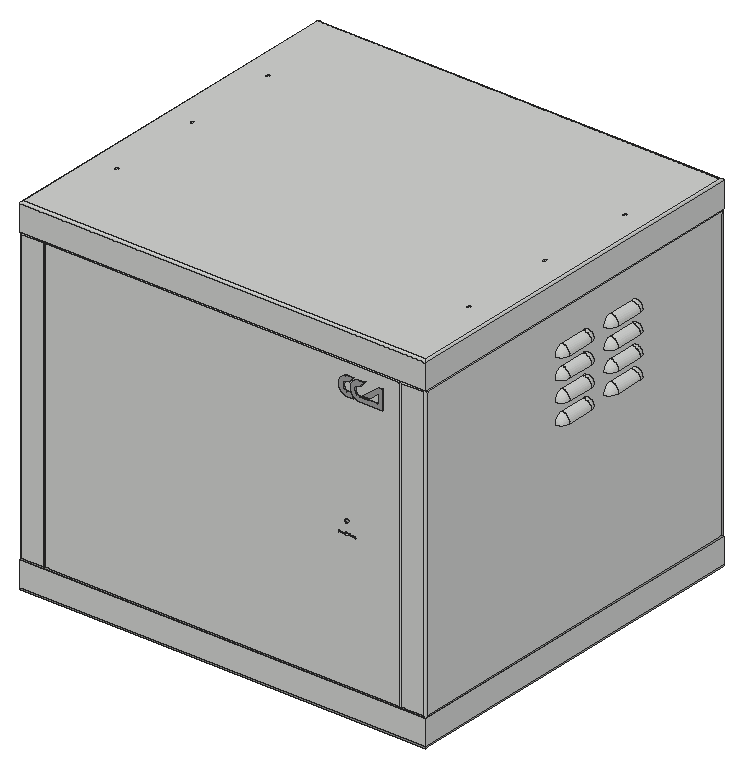
Revit family "Шкаф антивандальный настенный ШАН-Э 19” 600x550", category Обобщенные модели, Revit 2019 (continued)
Automatic sketch dimensions
  Revolve 51 sketch curve to Revolve 51 sketch curve = 12.5 mm
  Revolve 51 sketch curve to plane 9 = 136 mm
  Revolve 51 sketch curve to Revolve 51 sketch curve = 0 mm
  Revolve 51 sketch curve to Revolve 51 sketch curve = 0.858 mm
  Revolve 51 sketch curve to Revolve 51 sketch curve = 6.642 mm
  Revolve 52 sketch curve to plane 1 "По центру (Вперед/Назад)" = 105 mm
  Revolve 52 sketch curve to Revolve 52 sketch curve = 11 mm
  Revolve 52 sketch curve to plane 9 = 137.5 mm
  Revolve 52 sketch curve to Revolve 52 sketch curve = 0 mm
  Revolve 52 sketch curve to Revolve 52 sketch curve = 1.5 mm
  Revolve 52 sketch curve to Revolve 52 sketch curve = 7.5 mm
  Revolve 53 sketch curve to plane 1 "По центру (Вперед/Назад)" = 65 mm
  Revolve 53 sketch curve to Revolve 53 sketch curve = 12.5 mm
  Revolve 53 sketch curve to plane 9 = 148.5 mm
  Revolve 53 sketch curve to Revolve 53 sketch curve = 0 mm
  Revolve 53 sketch curve to Revolve 53 sketch curve = 6.642 mm
  Revolve 53 sketch curve to Revolve 53 sketch curve = 0.858 mm
  Revolve 54 sketch curve to plane 1 "По центру (Вперед/Назад)" = 65 mm
  Revolve 54 sketch curve to Revolve 54 sketch curve = 11 mm
  Revolve 54 sketch curve to plane 9 = 148.5 mm
  Revolve 54 sketch curve to Revolve 54 sketch curve = 0 mm
  Revolve 54 sketch curve to Revolve 54 sketch curve = 7.5 mm
  Revolve 54 sketch curve to Revolve 54 sketch curve = 1.5 mm
  Extrusion 55 sketch curve to Extrusion 55 sketch curve = 0 mm  (x2)
  Extrusion 55 sketch curve to plane 7 = 0 mm
  Extrusion 55 sketch curve to Extrusion 55 sketch curve = 11 mm
  Extrusion 55 sketch curve to Extrusion 55 sketch curve = 1.5 mm
  plane 9 to Extrusion 55 sketch curve = 148.5 mm
  Revolve 56 sketch curve to plane 9 = 46 mm
  Revolve 56 sketch curve to plane 1 "По центру (Вперед/Назад)" = 105 mm
  Revolve 56 sketch curve to Revolve 56 sketch curve = 12.5 mm
  Revolve 56 sketch curve to Revolve 56 sketch curve = 0 mm
  Revolve 56 sketch curve to Revolve 56 sketch curve = 0.858 mm
  Revolve 56 sketch curve to Revolve 56 sketch curve = 6.642 mm
  Revolve 57 sketch curve to plane 9 = 58.5 mm
  Revolve 57 sketch curve to plane 1 "По центру (Вперед/Назад)" = 105 mm
  Revolve 57 sketch curve to Revolve 57 sketch curve = 11 mm
  Revolve 57 sketch curve to Revolve 57 sketch curve = 0 mm
  Revolve 57 sketch curve to Revolve 57 sketch curve = 1.5 mm
  Revolve 57 sketch curve to Revolve 57 sketch curve = 7.5 mm
  Revolve 58 sketch curve to plane 1 "По центру (Вперед/Назад)" = 65 mm
  Revolve 58 sketch curve to Revolve 58 sketch curve = 12.5 mm
  Revolve 58 sketch curve to plane 9 = 58.5 mm
  Revolve 58 sketch curve to Revolve 58 sketch curve = 0 mm
  Revolve 58 sketch curve to Revolve 58 sketch curve = 6.642 mm
  Revolve 58 sketch curve to Revolve 58 sketch curve = 0.858 mm
  Revolve 59 sketch curve to plane 1 "По центру (Вперед/Назад)" = 65 mm
  Revolve 59 sketch curve to Revolve 59 sketch curve = 11 mm
  Revolve 59 sketch curve to plane 9 = 58.5 mm
  Revolve 59 sketch curve to Revolve 59 sketch curve = 0 mm
  Revolve 59 sketch curve to Revolve 59 sketch curve = 7.5 mm
  Revolve 59 sketch curve to Revolve 59 sketch curve = 1.5 mm
  Revolve 60 sketch curve to plane 1 "По центру (Вперед/Назад)" = 105 mm
  Revolve 60 sketch curve to Revolve 60 sketch curve = 12.5 mm
  Revolve 60 sketch curve to plane 9 = 76 mm
  Revolve 60 sketch curve to Revolve 60 sketch curve = 0 mm
  Revolve 60 sketch curve to Revolve 60 sketch curve = 0.858 mm
  Revolve 60 sketch curve to Revolve 60 sketch curve = 6.642 mm
  Revolve 61 sketch curve to plane 1 "По центру (Вперед/Назад)" = 105 mm
  Revolve 61 sketch curve to Revolve 61 sketch curve = 11 mm
  Revolve 61 sketch curve to plane 9 = 77.5 mm
  Revolve 61 sketch curve to Revolve 61 sketch curve = 0 mm
  Revolve 61 sketch curve to Revolve 61 sketch curve = 1.5 mm
  Revolve 61 sketch curve to Revolve 61 sketch curve = 7.5 mm
  Revolve 62 sketch curve to plane 1 "По центру (Вперед/Назад)" = 65 mm
  Revolve 62 sketch curve to Revolve 62 sketch curve = 12.5 mm
  Revolve 62 sketch curve to plane 9 = 88.5 mm
  Revolve 62 sketch curve to Revolve 62 sketch curve = 0 mm
  Revolve 62 sketch curve to Revolve 62 sketch curve = 6.642 mm
  Revolve 62 sketch curve to Revolve 62 sketch curve = 0.858 mm
  Revolve 63 sketch curve to plane 1 "По центру (Вперед/Назад)" = 65 mm
  Revolve 63 sketch curve to Revolve 63 sketch curve = 11 mm
  Revolve 63 sketch curve to plane 9 = 88.5 mm
  Revolve 63 sketch curve to Revolve 63 sketch curve = 0 mm
  Revolve 63 sketch curve to Revolve 63 sketch curve = 7.5 mm
  Revolve 63 sketch curve to Revolve 63 sketch curve = 1.5 mm
  Extrusion 64 sketch curve to Extrusion 64 sketch curve = 0 mm  (x2)
  Extrusion 64 sketch curve to plane 7 = 0 mm
  Extrusion 64 sketch curve to Extrusion 64 sketch curve = 11 mm
  Extrusion 64 sketch curve to Extrusion 64 sketch curve = 1.5 mm
  plane 9 to Extrusion 64 sketch curve = 88.5 mm
  plane 1 "По центру (Вперед/Назад)" to Revolve 65 sketch curve = 25 mm
  Revolve 65 sketch curve to Revolve 65 sketch curve = 12.5 mm
  Revolve 65 sketch curve to plane 9 = 58.5 mm
  Revolve 65 sketch curve to Revolve 65 sketch curve = 0 mm
  Revolve 65 sketch curve to Revolve 65 sketch curve = 6.642 mm
  Revolve 65 sketch curve to Revolve 65 sketch curve = 0.858 mm
  plane 1 "По центру (Вперед/Назад)" to Revolve 66 sketch curve = 25 mm
  Revolve 66 sketch curve to Revolve 66 sketch curve = 11 mm
  Revolve 66 sketch curve to plane 9 = 58.5 mm
  Revolve 66 sketch curve to Revolve 66 sketch curve = 0 mm
  Revolve 66 sketch curve to Revolve 66 sketch curve = 7.5 mm
  Revolve 66 sketch curve to Revolve 66 sketch curve = 1.5 mm
  Revolve 67 sketch curve to plane 1 "По центру (Вперед/Назад)" = 15 mm
  Revolve 67 sketch curve to Revolve 67 sketch curve = 12.5 mm
  Revolve 67 sketch curve to plane 9 = 46 mm
  Revolve 67 sketch curve to Revolve 67 sketch curve = 0 mm
  Revolve 67 sketch curve to Revolve 67 sketch curve = 0.858 mm
  Revolve 67 sketch curve to Revolve 67 sketch curve = 6.642 mm
  Revolve 68 sketch curve to plane 1 "По центру (Вперед/Назад)" = 15 mm
  Revolve 68 sketch curve to Revolve 68 sketch curve = 11 mm
  Revolve 68 sketch curve to plane 9 = 47.5 mm
  Revolve 68 sketch curve to Revolve 68 sketch curve = 0 mm
  Revolve 68 sketch curve to Revolve 68 sketch curve = 1.5 mm
  Revolve 68 sketch curve to Revolve 68 sketch curve = 7.5 mm
  Extrusion 69 sketch curve to Extrusion 69 sketch curve = 0 mm  (x2)
  Extrusion 69 sketch curve to plane 7 = 0 mm
  Extrusion 69 sketch curve to Extrusion 69 sketch curve = 11 mm
  Extrusion 69 sketch curve to Extrusion 69 sketch curve = 1.5 mm
  plane 9 to Extrusion 69 sketch curve = 58.5 mm
  Extrusion 70 sketch curve to Extrusion 70 sketch curve = 0 mm  (x2)
  Extrusion 70 sketch curve to plane 7 = 0 mm
  Extrusion 70 sketch curve to Extrusion 70 sketch curve = 11 mm
  Extrusion 70 sketch curve to Extrusion 70 sketch curve = 1.5 mm
  plane 9 to Extrusion 70 sketch curve = 58.5 mm
  Extrusion 71 sketch curve to Extrusion 71 sketch curve = 0 mm  (x2)
  Extrusion 71 sketch curve to plane 7 = 0 mm
  Extrusion 71 sketch curve to Extrusion 71 sketch curve = 11 mm
  Extrusion 71 sketch curve to Extrusion 71 sketch curve = 1.5 mm
  plane 9 to Extrusion 71 sketch curve = 88.5 mm
  Extrusion 72 sketch curve to Extrusion 72 sketch curve = 0 mm  (x2)
  Extrusion 72 sketch curve to plane 7 = 0 mm
  Extrusion 72 sketch curve to Extrusion 72 sketch curve = 11 mm
  Extrusion 72 sketch curve to Extrusion 72 sketch curve = 1.5 mm
  plane 9 to Extrusion 72 sketch curve = 118.5 mm
  Extrusion 73 sketch curve to Extrusion 73 sketch curve = 0 mm  (x2)
  Extrusion 73 sketch curve to plane 7 = 0 mm
  Extrusion 73 sketch curve to Extrusion 73 sketch curve = 11 mm
  Extrusion 73 sketch curve to Extrusion 73 sketch curve = 1.5 mm
  plane 9 to Extrusion 73 sketch curve = 148.5 mm
  plane 1 "По центру (Вперед/Назад)" to Revolve 74 sketch curve = 25 mm
  Revolve 74 sketch curve to Revolve 74 sketch curve = 12.5 mm
  Revolve 74 sketch curve to plane 9 = 88.5 mm
  Revolve 74 sketch curve to Revolve 74 sketch curve = 0 mm
  Revolve 74 sketch curve to Revolve 74 sketch curve = 6.642 mm
  Revolve 74 sketch curve to Revolve 74 sketch curve = 0.858 mm
  plane 1 "По центру (Вперед/Назад)" to Revolve 75 sketch curve = 25 mm
  Revolve 75 sketch curve to Revolve 75 sketch curve = 11 mm
  Revolve 75 sketch curve to plane 9 = 88.5 mm
  Revolve 75 sketch curve to Revolve 75 sketch curve = 0 mm
  Revolve 75 sketch curve to Revolve 75 sketch curve = 7.5 mm
  Revolve 75 sketch curve to Revolve 75 sketch curve = 1.5 mm
  Revolve 76 sketch curve to plane 1 "По центру (Вперед/Назад)" = 15 mm
  Revolve 76 sketch curve to Revolve 76 sketch curve = 12.5 mm
  Revolve 76 sketch curve to plane 9 = 76 mm
  Revolve 76 sketch curve to Revolve 76 sketch curve = 0 mm
  Revolve 76 sketch curve to Revolve 76 sketch curve = 0.858 mm
  Revolve 76 sketch curve to Revolve 76 sketch curve = 6.642 mm
  Revolve 77 sketch curve to plane 1 "По центру (Вперед/Назад)" = 15 mm
  Revolve 77 sketch curve to Revolve 77 sketch curve = 11 mm
  Revolve 77 sketch curve to plane 9 = 77.5 mm
  Revolve 77 sketch curve to Revolve 77 sketch curve = 0 mm
  Revolve 77 sketch curve to Revolve 77 sketch curve = 1.5 mm
  Revolve 77 sketch curve to Revolve 77 sketch curve = 7.5 mm
  plane 1 "По центру (Вперед/Назад)" to Revolve 78 sketch curve = 25 mm
  Revolve 78 sketch curve to Revolve 78 sketch curve = 12.5 mm
  Revolve 78 sketch curve to plane 9 = 118.5 mm
  Revolve 78 sketch curve to Revolve 78 sketch curve = 0 mm
  Revolve 78 sketch curve to Revolve 78 sketch curve = 6.642 mm
  Revolve 78 sketch curve to Revolve 78 sketch curve = 0.858 mm
  plane 1 "По центру (Вперед/Назад)" to Revolve 79 sketch curve = 25 mm
  Revolve 79 sketch curve to Revolve 79 sketch curve = 11 mm
  Revolve 79 sketch curve to plane 9 = 118.5 mm
  Revolve 79 sketch curve to Revolve 79 sketch curve = 0 mm
  Revolve 79 sketch curve to Revolve 79 sketch curve = 7.5 mm
  Revolve 79 sketch curve to Revolve 79 sketch curve = 1.5 mm
  Revolve 80 sketch curve to plane 1 "По центру (Вперед/Назад)" = 15 mm
  Revolve 80 sketch curve to Revolve 80 sketch curve = 12.5 mm
  Revolve 80 sketch curve to plane 9 = 106 mm
  Revolve 80 sketch curve to Revolve 80 sketch curve = 0 mm
  Revolve 80 sketch curve to Revolve 80 sketch curve = 0.858 mm
  Revolve 80 sketch curve to Revolve 80 sketch curve = 6.642 mm
  Revolve 81 sketch curve to plane 1 "По центру (Вперед/Назад)" = 15 mm
  Revolve 81 sketch curve to Revolve 81 sketch curve = 11 mm
  Revolve 81 sketch curve to plane 9 = 107.5 mm
  Revolve 81 sketch curve to Revolve 81 sketch curve = 0 mm
  Revolve 81 sketch curve to Revolve 81 sketch curve = 1.5 mm
  Revolve 81 sketch curve to Revolve 81 sketch curve = 7.5 mm
  plane 1 "По центру (Вперед/Назад)" to Revolve 82 sketch curve = 25 mm
  Revolve 82 sketch curve to Revolve 82 sketch curve = 12.5 mm
  Revolve 82 sketch curve to plane 9 = 148.5 mm
  Revolve 82 sketch curve to Revolve 82 sketch curve = 0 mm
  Revolve 82 sketch curve to Revolve 82 sketch curve = 6.642 mm
  Revolve 82 sketch curve to Revolve 82 sketch curve = 0.858 mm
  plane 1 "По центру (Вперед/Назад)" to Revolve 83 sketch curve = 25 mm
  Revolve 83 sketch curve to Revolve 83 sketch curve = 11 mm
  Revolve 83 sketch curve to plane 9 = 148.5 mm
  Revolve 83 sketch curve to Revolve 83 sketch curve = 0 mm
  Revolve 83 sketch curve to Revolve 83 sketch curve = 7.5 mm
  Revolve 83 sketch curve to Revolve 83 sketch curve = 1.5 mm
  Revolve 84 sketch curve to plane 1 "По центру (Вперед/Назад)" = 15 mm
  Revolve 84 sketch curve to Revolve 84 sketch curve = 12.5 mm
  Revolve 84 sketch curve to plane 9 = 136 mm
  Revolve 84 sketch curve to Revolve 84 sketch curve = 0 mm
  Revolve 84 sketch curve to Revolve 84 sketch curve = 0.858 mm
  Revolve 84 sketch curve to Revolve 84 sketch curve = 6.642 mm
  Revolve 85 sketch curve to plane 1 "По центру (Вперед/Назад)" = 15 mm
  Revolve 85 sketch curve to Revolve 85 sketch curve = 11 mm
  Revolve 85 sketch curve to plane 9 = 137.5 mm
  Revolve 85 sketch curve to Revolve 85 sketch curve = 0 mm
  Revolve 85 sketch curve to Revolve 85 sketch curve = 1.5 mm
  Revolve 85 sketch curve to Revolve 85 sketch curve = 7.5 mm
  Extrusion 86 sketch curve to level = 0 mm
  Extrusion 86 sketch curve to plane 7 = 0 mm
  plane 6 to Extrusion 86 sketch curve = 0 mm
  plane 8 to Extrusion 86 sketch curve = 0 mm
Nested families
  nested 1: "Крышка_ШАН" at (0, 0, 475), built-in parameter 1001364 <- "Высота крышки", type "Крышка_ШАН"
  nested 2: "Крышка_ШАН" at (0, 0, 40) x (1, 0, 0) z (0, 0, -1), type "Крышка_ШАН"
  nested 3: "Дверь_ШАН" at (0, -265, 40), type "Дверь_ШАН"
    with ADSK_Размер_Высота 435 mm
  nested 4: "Логотип" at (-76.364, -275, -103.72) x (1, 0, 0) z (0, -1, 0), type "Логотип"
Definition of nested family "Крышка_ШАН"
  Parameters (values of type "Крышка_ШАН")
    Default Elevation = 1219.2 mm
    ADSK_Размер_Ширина = 600 mm
    ADSK_Размер_Глубина = 550 mm
    ADSK_Размер_Высота = 40 mm
  Reference planes
    plane 1 "По центру (Вперед/Назад)": y = 0
    plane 2: z = 0
    plane 3 "По центру (Влево/Вправо)": x = 0
    plane 4: y = -275
    plane 5: y = 275
    plane 6: x = 300
    plane 7: x = -300
    plane 8: z = 40
  Forms (mm)
    Extrusion 1, solid, detail levels medium+fine
      sketch origin (0, 0, 0) x (1, 0, 0) y (0, 1, 0)
        loop
          line (-300, 275) -> (-300, -275) -> (300, -275) -> (300, 275) -> (-300, 275)
      from 0 to 40
    Extrusion 2, void, detail levels fine
      sketch origin (0, 0, 0) x (1, 0, 0) y (0, 0, 1)
        loop
          line (300, 40) -> (297, 40)
          arc (297, 40) -> (299.121, 39.121) -> (300, 37) r 3
          line (300, 37) -> (300, 40)
        loop
          line (-300, 40) -> (-300, 37)
          arc (-300, 37) -> (-299.121, 39.121) -> (-297, 40) r 3
          line (-297, 40) -> (-300, 40)
      from -275 to 275
    Extrusion 3, void, detail levels fine
      sketch origin (0, 0, 0) x (0, 1, 0) y (0, 0, 1)
        loop
          line (-275, 40) -> (-275, 37)
          arc (-275, 37) -> (-274.121, 39.121) -> (-272, 40) r 3
          line (-272, 40) -> (-275, 40)
        loop
          line (275, 40) -> (272, 40)
          arc (272, 40) -> (274.121, 39.121) -> (275, 37) r 3
          line (275, 37) -> (275, 40)
      from -300 to 300
    Extrusion 4, void, detail levels fine
      sketch origin (0, 0, 0) x (1, 0, 0) y (0, 1, 0)
        loop
          circle (-260.5, 134.25) r 2.3
        loop
          circle (-260.5, -5.75) r 2.3
        loop
          circle (-260.5, -145.75) r 2.3
        loop
          circle (265.592, 136.018) r 2.3
        loop
          circle (260.5, -5.75) r 2.3
        loop
          circle (260.5, -145.75) r 2.3
      from 37 to 40
    Extrusion 5, void, detail levels medium+fine
      sketch origin (0, 0, 0) x (1, 0, 0) y (0, 1, 0)
        loop
          line (-297, 272.043) -> (-297, -272.043) -> (297, -272.043) -> (297, 272.043) -> (-297, 272.043)
      from 0 to 37
  Cuts and joins
    Extrusion 2, Extrusion 3, Extrusion 4, Extrusion 5 cuts Extrusion 1
  Dimensions and locks
    equal spacing: plane 7, plane 3 "По центру (Влево/Вправо)", plane 6
    "ADSK_Размер_Ширина": plane 7 to plane 6
    equal spacing: plane 4, plane 1 "По центру (Вперед/Назад)", plane 5
    "ADSK_Размер_Глубина": plane 4 to plane 5
    "ADSK_Размер_Высота": plane 8 to level
    aligned and locked: level to plane 2
    aligned and locked: plane 5 to Extrusion 1 sketch curve
    aligned and locked: plane 7 to Extrusion 1 sketch curve
    aligned and locked: Extrusion 1 sketch curve to plane 4
    aligned and locked: Extrusion 1 sketch curve to plane 6
    aligned and locked: plane 8 to Extrusion 1
    aligned and locked: Extrusion 1 to level
    aligned and locked: Extrusion 2 to plane 5
    aligned and locked: plane 4 to Extrusion 2
    aligned and locked: plane 6 to Extrusion 3
    aligned and locked: Extrusion 3 to plane 7
    aligned and locked: Extrusion 1 to Extrusion 4
    aligned and locked: Extrusion 5 to level
  Automatic sketch dimensions
    Extrusion 2 sketch curve to plane 7 = 0 mm
    Extrusion 2 sketch curve to plane 8 = 0 mm  (x2)
    Extrusion 2 sketch curve to plane 6 = 0 mm
    plane 7 to Extrusion 2 sketch curve = 3 mm
    Extrusion 2 sketch curve to plane 6 = 3 mm
    Extrusion 3 sketch curve to plane 4 = 0 mm
    Extrusion 3 sketch curve to plane 8 = 0 mm  (x2)
    Extrusion 3 sketch curve to plane 5 = 0 mm
    Extrusion 3 sketch curve to plane 4 = 3 mm
    Extrusion 3 sketch curve to Extrusion 3 sketch curve = 3 mm
    plane 7 to Extrusion 5 sketch curve = 3 mm
    Extrusion 5 sketch curve to plane 6 = 3 mm
    Extrusion 5 sketch curve to plane 4 = 2.957 mm
    plane 5 to Extrusion 5 sketch curve = 2.957 mm
    plane 1 "По центру (Вперед/Назад)" to Extrusion 4 sketch curve = 5.75 mm  (x2)
    plane 7 to Extrusion 4 sketch curve = 39.5 mm  (x3)
    Extrusion 4 sketch curve to plane 6 = 39.5 mm  (x2)
    Extrusion 4 sketch curve to plane 6 = 34.408 mm
    Extrusion 4 sketch curve to plane 4 = 129.25 mm  (x2)
    Extrusion 4 sketch curve to plane 1 "По центру (Вперед/Назад)" = 136.018 mm
    Extrusion 4 sketch curve to plane 1 "По центру (Вперед/Назад)" = 134.25 mm
    radius of Extrusion 4 sketch curve = 2.3 mm  (x6)
Definition of nested family "Дверь_ШАН"
  Parameters (values of type "Дверь_ШАН")
    ADSK_Размер_Ширина = 530 mm
    ADSK_Размер_Глубина = 20 mm
    ADSK_Размер_Высота = 300 mm
  Reference planes
    plane 1 "По центру (Вперед/Назад)": y = 0
    plane 2: z = 0
    plane 3 "По центру (Влево/Вправо)": x = 0
    plane 4: y = -10
    plane 5: y = 10
    plane 6: x = 265
    plane 7: x = -265
    plane 8: z = 300
    plane 9: z = 150
  Forms (mm)
    Extrusion 1, solid, detail levels medium+fine
      sketch origin (0, 0, 0) x (1, 0, 0) y (0, 1, 0)
        loop
          line (-265, 10) -> (-265, -10) -> (265, -10) -> (265, 10) -> (-265, 10)
      from 0 to 300
    Extrusion 2, solid, detail levels medium+fine
      sketch origin (-13.156, 0, -20.183) x (1, 0, 0) y (0, 0, 1)
        loop
          circle (196.656, 174.683) r 1.3
      from 10 to 10.5
    Blend 3, solid, detail levels fine
      base sketch origin (-23.297, 0, -18.772) x (1, 0, 0) y (0, 0, 1)
        loop
          circle (206.797, 173.272) r 2.5
      top sketch origin (-23.297, 0, -18.772) x (1, 0, 0) y (0, 0, 1)
        loop
          circle (206.797, 173.272) r 1.3
      from 10.5 to 11.7
    Extrusion 4, void, detail levels fine
      sketch origin (3.615, 0, -4.694) x (1, 0, 0) y (0, 0, 1)
        loop
          line (167.694, 142.994) -> (167.694, 140.194) -> (177.694, 140.194)
          arc (177.694, 140.194) -> (179.885, 138.994) -> (182.076, 140.194) r 2.6
          line (182.076, 140.194) -> (192.076, 140.194) -> (192.076, 142.994) -> (185.976, 142.994)
          arc (185.976, 142.994) -> (184.776, 144.194) -> (183.576, 142.994) r 1.2
          line (183.576, 142.994) -> (182.076, 142.994)
          arc (182.076, 142.994) -> (179.885, 144.194) -> (177.694, 142.994) r 2.6
          line (177.694, 142.994) -> (167.694, 142.994)
      from 7 to 10
    Extrusion 5, void, detail levels medium+fine
      sketch origin (0, 0, 0) x (1, 0, 0) y (0, 0, 1)
        loop
          line (262, 297) -> (-262, 297) -> (-262, 3) -> (262, 3) -> (262, 297)
      from -10 to 7
    Extrusion 6, void, detail levels fine
      sketch origin (0, 0, 0) x (0, 1, 0) y (0, 0, 1)
        loop
          line (-10, 300) -> (-10, 297)
          arc (-10, 297) -> (-9.121, 299.121) -> (-7, 300) r 3
          line (-7, 300) -> (-10, 300)
        loop
          line (-10, 0) -> (-7, 0)
          arc (-7, 0) -> (-9.121, 0.879) -> (-10, 3) r 3
          line (-10, 3) -> (-10, 0)
      from -265 to 265
    Extrusion 7, void, detail levels fine
      sketch origin (0, 0, 0) x (1, 0, 0) y (0, 1, 0)
        loop
          line (265, -10) -> (265, -7)
          arc (265, -7) -> (264.121, -9.121) -> (262, -10) r 3
          line (262, -10) -> (265, -10)
        loop
          line (-265, -10) -> (-262, -10)
          arc (-262, -10) -> (-264.121, -9.121) -> (-265, -7) r 3
          line (-265, -7) -> (-265, -10)
      from 0 to 300
    Blend 8, solid, not visible, detail levels fine
      base sketch origin (-23.297, 0, -18.772) x (1, 0, 0) y (0, 0, 1)
        loop
          circle (206.797, 173.272) r 2.5
      top sketch origin (-23.297, 0, -18.772) x (1, 0, 0) y (0, 0, 1)
        loop
          circle (206.797, 173.272) r 1.3
      from 10.5 to 11.7
    Extrusion 9, void, not visible, detail levels fine
      sketch origin (3.615, 0, -4.694) x (1, 0, 0) y (0, 0, 1)
        loop
          line (167.694, 142.994) -> (167.694, 140.194) -> (177.694, 140.194)
          arc (177.694, 140.194) -> (179.885, 138.994) -> (182.076, 140.194) r 2.6
          line (182.076, 140.194) -> (192.076, 140.194) -> (192.076, 142.994) -> (185.976, 142.994)
          arc (185.976, 142.994) -> (184.776, 144.194) -> (183.576, 142.994) r 1.2
          line (183.576, 142.994) -> (182.076, 142.994)
          arc (182.076, 142.994) -> (179.885, 144.194) -> (177.694, 142.994) r 2.6
          line (177.694, 142.994) -> (167.694, 142.994)
      from 7 to 10
    Extrusion 10, solid, not visible, detail levels medium+fine
      sketch origin (-13.156, 0, -20.183) x (1, 0, 0) y (0, 0, 1)
        loop
          circle (196.656, 174.683) r 1.3
      from 10 to 10.5
    Blend 11, solid, not visible, detail levels fine
      base sketch origin (-23.297, 0, -18.772) x (1, 0, 0) y (0, 0, 1)
        loop
          circle (206.797, 173.272) r 2.5
      top sketch origin (-23.297, 0, -18.772) x (1, 0, 0) y (0, 0, 1)
        loop
          circle (206.797, 173.272) r 1.3
      from 10.5 to 11.7
    Extrusion 12, void, not visible, detail levels fine
      sketch origin (3.615, 0, -4.694) x (1, 0, 0) y (0, 0, 1)
        loop
          line (167.694, 142.994) -> (167.694, 140.194) -> (177.694, 140.194)
          arc (177.694, 140.194) -> (179.885, 138.994) -> (182.076, 140.194) r 2.6
          line (182.076, 140.194) -> (192.076, 140.194) -> (192.076, 142.994) -> (185.976, 142.994)
          arc (185.976, 142.994) -> (184.776, 144.194) -> (183.576, 142.994) r 1.2
          line (183.576, 142.994) -> (182.076, 142.994)
          arc (182.076, 142.994) -> (179.885, 144.194) -> (177.694, 142.994) r 2.6
          line (177.694, 142.994) -> (167.694, 142.994)
      from 7 to 10
  Cuts and joins
    Extrusion 4, Extrusion 5, Extrusion 6, Extrusion 7 cuts Extrusion 1
    Extrusion 5 cuts Extrusion 2
    Extrusion 5 cuts Blend 3
  Lines and regions (mm)
    reference lines
      curve 1: line (198.187, 0, 150) -> (210.744, 0, 150)
    reference lines, not visible
      curve 2: line (198.187, 0, 150) -> (210.744, 0, 150)
  Dimensions and locks
    equal spacing: plane 7, plane 3 "По центру (Влево/Вправо)", plane 6
    "ADSK_Размер_Ширина": plane 7 to plane 6
    equal spacing: plane 4, plane 1 "По центру (Вперед/Назад)", plane 5
    "ADSK_Размер_Глубина": plane 4 to plane 5
    "ADSK_Размер_Высота": plane 8 to level
    equal spacing: plane 8, plane 9, level
    aligned and locked: level to plane 2
    aligned and locked: plane 5 to Extrusion 1 sketch curve
    aligned and locked: plane 7 to Extrusion 1 sketch curve
    aligned and locked: Extrusion 1 sketch curve to plane 4
    aligned and locked: Extrusion 1 sketch curve to plane 6
    aligned and locked: plane 8 to Extrusion 1
    aligned and locked: Extrusion 1 to level
    aligned and locked: Extrusion 6 to plane 7
    aligned and locked: plane 6 to Extrusion 6
    aligned and locked: Extrusion 7 to Extrusion 1
    aligned and locked: Extrusion 7 to level
    aligned and locked: plane 9 to curve 1
  Automatic sketch dimensions
    Extrusion 4 sketch curve to Extrusion 4 sketch curve = 10 mm
    Extrusion 4 sketch curve to Extrusion 4 sketch curve = 0 mm  (x6)
    Extrusion 4 sketch curve to Extrusion 4 sketch curve = 2.191 mm  (x3)
    Extrusion 4 sketch curve to Extrusion 4 sketch curve = 1.4 mm
    Extrusion 4 sketch curve to Extrusion 4 sketch curve = 2.8 mm
    Extrusion 4 sketch curve to Extrusion 4 sketch curve = 2.7 mm
    Extrusion 4 sketch curve to Extrusion 4 sketch curve = 7.3 mm
    Extrusion 4 sketch curve to Extrusion 4 sketch curve = 1.2 mm
    plane 7 to Extrusion 5 sketch curve = 3 mm
    Extrusion 5 sketch curve to plane 6 = 3 mm
    level to Extrusion 5 sketch curve = 3 mm
    Extrusion 5 sketch curve to plane 8 = 3 mm
    Extrusion 6 sketch curve to plane 4 = 0 mm  (x2)
    Extrusion 6 sketch curve to plane 8 = 0 mm
    Extrusion 6 sketch curve to level = 0 mm
    level to Extrusion 6 sketch curve = 3 mm
    Extrusion 6 sketch curve to Extrusion 6 sketch curve = 3 mm
    plane 4 to Extrusion 7 sketch curve = 0 mm  (x2)
    Extrusion 7 sketch curve to plane 7 = 0 mm
    Extrusion 7 sketch curve to plane 6 = 0 mm
    plane 7 to Extrusion 7 sketch curve = 3 mm
    Extrusion 7 sketch curve to Extrusion 7 sketch curve = 3 mm
    Extrusion 9 sketch curve to Extrusion 9 sketch curve = 0 mm  (x6)
    Extrusion 9 sketch curve to Extrusion 9 sketch curve = 10 mm
    Extrusion 9 sketch curve to Extrusion 9 sketch curve = 2.191 mm  (x3)
    Extrusion 9 sketch curve to Extrusion 9 sketch curve = 1.4 mm
    Extrusion 9 sketch curve to Extrusion 9 sketch curve = 2.8 mm
    Extrusion 9 sketch curve to Extrusion 9 sketch curve = 2.7 mm
    Extrusion 9 sketch curve to Extrusion 9 sketch curve = 7.3 mm
    Extrusion 9 sketch curve to Extrusion 9 sketch curve = 1.2 mm
    Extrusion 12 sketch curve to Extrusion 12 sketch curve = 10 mm
    Extrusion 12 sketch curve to Extrusion 12 sketch curve = 0 mm  (x6)
    Extrusion 12 sketch curve to Extrusion 12 sketch curve = 2.191 mm  (x3)
    Extrusion 12 sketch curve to Extrusion 12 sketch curve = 1.4 mm
    Extrusion 12 sketch curve to Extrusion 12 sketch curve = 2.8 mm
    Extrusion 12 sketch curve to Extrusion 12 sketch curve = 2.7 mm
    Extrusion 12 sketch curve to Extrusion 12 sketch curve = 7.3 mm
    Extrusion 12 sketch curve to Extrusion 12 sketch curve = 1.2 mm
    curve 1 to curve 1 = 12.557 mm
    curve 2 to curve 2 = 12.557 mm
    radius of Extrusion 2 sketch curve = 1.3 mm
    radius of Blend 3 sketch curve = 2.5 mm
    radius of Blend 3 sketch curve = 1.3 mm
    radius of Blend 8 sketch curve = 2.5 mm
    radius of Blend 8 sketch curve = 1.3 mm
    radius of Extrusion 10 sketch curve = 1.3 mm
    radius of Blend 11 sketch curve = 2.5 mm
    radius of Blend 11 sketch curve = 1.3 mm
Definition of nested family "Логотип"
  Parameters (values of type "Логотип")
    Default Elevation = 1219.2 mm
  Reference planes
    plane 1 "По центру (Вперед/Назад)": y = 0
    plane 2: z = 0
    plane 3 "По центру (Влево/Вправо)": x = 0
  Forms (mm)
    Extrusion 1, solid, detail levels medium+fine
      sketch origin (0, 0, 0) x (1, 0, 0) y (0, 1, 0)
        loop
          arc (262.281, 558.796) -> (248.281, 544.796) -> (262.281, 530.796) r 14
          line (262.281, 530.796) -> (270.281, 530.796) -> (263.981, 537.796) -> (262.281, 537.796)
          arc (262.281, 537.796) -> (255.281, 544.796) -> (262.281, 551.796) r 7
          line (262.281, 551.796) -> (263.981, 551.796) -> (270.281, 558.796) -> (262.281, 558.796)
        loop
          arc (279.531, 558.796) -> (265.531, 544.796) -> (279.531, 530.796) r 14
          line (279.531, 530.796) -> (313.031, 530.796) -> (313.031, 558.796) -> (307.031, 558.796) -> (284.387, 539.796) -> (293.921, 539.796) -> (307.031, 550.796) -> (307.031, 537.796) -> (279.531, 537.796)
          arc (279.531, 537.796) -> (272.531, 544.796) -> (279.531, 551.796) r 7
          line (279.531, 551.796) -> (281.231, 551.796) -> (287.531, 558.796) -> (279.531, 558.796)
      from 0 to 1
  Dimensions and locks
    aligned and locked: level to plane 2
Types (3, lengths in mm): name | Высота крышки | Высота двери | ADSK_Размер_Высота | ADSK_Обозначение | ADSK_Наименование | ADSK_Масса_Текст | ADSK_Марка | ADSK_Код изделия | ADSK_URL страницы изделия
  Шкаф антивандальный настенный ШАН-Э 19" 6U(600*550) ССД | 340 | 300 | 380 | "ШАН-Э 6U (600x550мм)" | "Шкаф антивандальный настенный ШАН-Э 19\" 6U(600*550) ССД" | "23,0" | "ШАН-Э 6U (600x550мм)" | "130411-00821" | "https://www.ssd.ru/shkaf-antivandalnyy-nastennyy-shan-e-19-quot-6u-600-550"
  Шкаф антивандальный настенный ШАН-Э 19" 9U(600*550) ССД | 475 | 435 | 515 | "ШАН-Э 9U (600x550мм)" | "Шкаф антивандальный настенный ШАН-Э 19\" 9U(600*550) ССД" | "28,0" | "ШАН-Э 9U (600x550мм)" | "130411-00822" | "https://www.ssd.ru/shkaf-antivandalnyy-nastennyy-shan-e-19-quot-9u-600-550"
  Шкаф антивандальный настенный ШАН-Э 19" 12U(600*550) ССД | 610 | 570 | 650 | "ШАН-Э 12U (600x550мм)" | "Шкаф антивандальный настенный ШАН-Э 19\" 12U(600*550) ССД" | "32,0" | "ШАН-Э 12U (600x550мм)" | "130411-00823" | "https://www.ssd.ru/shkaf-antivandalnyy-nastennyy-shan-e-19-quot-12u-600-550"
